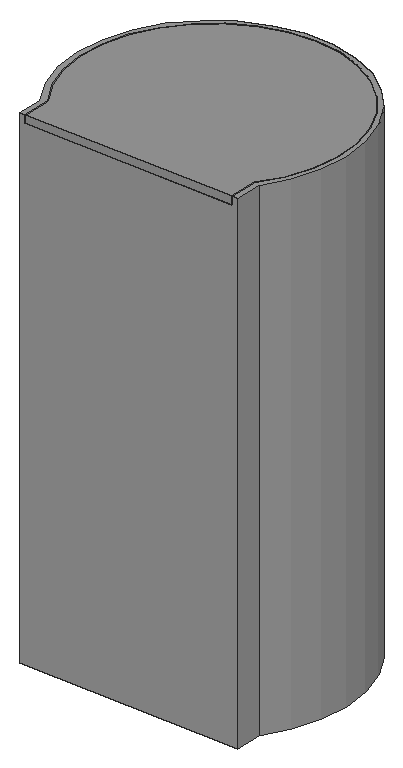
Revit family "3056 Björk Soap dispenser", category Furniture Systems, host Wall, Revit 2018
Family settings
  Host = Wall
  Round Connector Dimension = Use Diameter
  Part Type = Normal
  Always vertical = Yes
  Cut with Voids When Loaded = No
  Shared = No
  Room Calculation Point = No
Parameters (values of type "OSLO")
  URL = "http://www.dandryer.com/en-gb/products/-soapdispensers/3056-bjork--matt-black--liquid-soap-disinfectant"
  Type Image = <None>
  Surface Top = OSLO
  Surface Front = Mat Sort
  Model = "Björk-3056"
  Manufacturer = "Dan Dryer"
  Description = "Touch-free Soap dispenser"
  Cost = 0
Types (6, lengths in mm): name | URL | Surface Top
  BIRK | "http://www.dandryer.dk/da-dk/produkter/produktserie-%E2%80%93-bjork/3056-bjork-dispenser-flydende-saebe-desinfektion--mat-sort" | BIRK
  GEO WHITE | "http://www.dandryer.dk/da-dk/produkter/produktserie-%E2%80%93-bjork/3056-bjork-dispenser-flydende-saebe-desinfektion--mat-sort" | GEO WHITE
  GRIGIO LONDRA | "http://www.dandryer.dk/da-dk/produkter/produktserie-%E2%80%93-bjork/3056-bjork-dispenser-flydende-saebe-desinfektion--mat-sort" | GRIGIO LONDRA
  NEGRO INGO | "http://www.dandryer.dk/da-dk/produkter/produktserie-%E2%80%93-bjork/3056-bjork-dispenser-flydende-saebe-desinfektion--mat-sort" | NEGRO INGO
  OSLO | "http://www.dandryer.com/en-gb/products/-soapdispensers/3056-bjork--matt-black--liquid-soap-disinfectant" | OSLO
  BIANCO MALE | "http://www.dandryer.dk/da-dk/produkter/produktserie-%E2%80%93-bjork/3056-bjork-dispenser-flydende-saebe-desinfektion--mat-sort" | BIANCO MALE
Reference planes
  plane 1 "Wall": y = 0
  plane 2 "Center (Left/Right)": x = 125
  plane 3 "Back": y = 75
Forms (mm)
  Extrusion 1, solid, material "Blank Hvid", not visible
    sketch origin (0, 0, 0) x (1, 0, 0) y (0, 1, 0)
      loop
        arc (42.212, 95.366) -> (42.426, 94.946) -> (42.5, 94.481) r 1.5
        line (42.5, 94.481) -> (42.5, 75.3) -> (43.7, 75.3) -> (43.7, 94.481)
        arc (43.7, 94.481) -> (43.567, 95.318) -> (43.181, 96.073) r 2.7
        arc (43.181, 96.073) -> (125, 257.1) -> (206.819, 96.073) r 101.3
        arc (206.819, 96.073) -> (206.433, 95.318) -> (206.3, 94.481) r 2.7
        line (206.3, 94.481) -> (206.3, 75.3) -> (207.5, 75.3) -> (207.5, 94.481)
        arc (207.5, 94.481) -> (207.574, 94.946) -> (207.788, 95.366) r 1.5
        arc (207.788, 95.366) -> (125, 258.3) -> (42.212, 95.366) r 102.5
    from 900 to 1230
  Extrusion 2, void, not visible
    sketch origin (207.5, 94.481, 0) x (0, 1, 0) y (0, 0, -1)
      loop
        line (-19.181, -1225) -> (-19.181, -1230) -> (6.154, -1230)
        arc (6.154, -1230) -> (3.068, -1228.36) -> (2.105, -1225) r 4.47
        line (2.105, -1225) -> (-19.181, -1225)
    from -10.952 to 170.161
  Extrusion 3, void, not visible
    sketch origin (207.5, 94.481, 2130) x (0, 1, 0) y (0, 0, -1)
      loop
        line (-19.181, 1225) -> (2.105, 1225)
        arc (2.105, 1225) -> (3.068, 1228.36) -> (6.154, 1230) r 4.47
        line (6.154, 1230) -> (-19.181, 1230) -> (-19.181, 1225)
    from -6 to 179.451
  Extrusion 4, solid, not visible
    sketch origin (207.5, 75.3, 907) x (0, 1, 0) y (-1, 0, 0)
      loop
        line (0, 163.8) -> (0, 1.2) -> (19.181, 1.2)
        arc (19.181, 1.2) -> (20.018, 1.067) -> (20.773, 0.681) r 2.7
        arc (20.773, 0.681) -> (181.8, 82.5) -> (20.773, 164.319) r 101.3
        arc (20.773, 164.319) -> (20.018, 163.933) -> (19.181, 163.8) r 2.7
        line (19.181, 163.8) -> (0, 163.8)
    from 0 to -2
  Extrusion 5, void, not visible
    sketch origin (206.3, 75.3, 0) x (-1, 0, 0) y (0, 0, 1)
      loop
        arc (83.312, 976) -> (81.303, 978.014) -> (79.288, 976) r 2.012
        line (79.288, 976) -> (79.285, 930)
        arc (79.285, 930) -> (81.297, 927.986) -> (83.312, 930) r 2.012
        line (83.312, 930) -> (83.312, 976)
    from 174.915 to 189.234
  Extrusion 6, solid, not visible
    sketch origin (206.3, 75.3, 0) x (1, 0, 0) y (0, 0, 1)
      loop
        line (-83.312, 975.984) -> (-83.312, 930)
        arc (-83.312, 930) -> (-81.291, 928.118) -> (-79.287, 930.016) r 2.015
        line (-79.287, 930.016) -> (-79.288, 976)
        arc (-79.288, 976) -> (-81.309, 977.882) -> (-83.312, 975.984) r 2.015
    from -182.98 to -174.915
  Extrusion 7, solid, material "Mat Sort", not visible
    sketch origin (0, 0, 0) x (1, 0, 0) y (0, 1, 0)
      loop
        arc (42.212, 95.366) -> (42.426, 94.946) -> (42.5, 94.481) r 1.5
        line (42.5, 94.481) -> (42.5, 75.3) -> (43.7, 75.3) -> (43.7, 94.481)
        arc (43.7, 94.481) -> (43.567, 95.318) -> (43.181, 96.073) r 2.7
        arc (43.181, 96.073) -> (125, 257.1) -> (206.819, 96.073) r 101.3
        arc (206.819, 96.073) -> (206.433, 95.318) -> (206.3, 94.481) r 2.7
        line (206.3, 94.481) -> (206.3, 75.3) -> (207.5, 75.3) -> (207.5, 94.481)
        arc (207.5, 94.481) -> (207.574, 94.946) -> (207.788, 95.366) r 1.5
        arc (207.788, 95.366) -> (125, 258.3) -> (42.212, 95.366) r 102.5
    from 900 to 1230
Text (mm)
  text "Placement Side" at (-1848.837, 1116.779, 0), in view "Ref. Level"
  text "Placement side" at (0, 1409.804, 2854.306), in view "Left"
  text "Placement side" at (0, 499.811, 2980.732), in view "Right"
Dimensions and locks
  locked: plane 3 "Back" to host wall
  aligned and locked: plane 1 "Wall" to host wall
  aligned and locked: plane 3 "Back" to nested 1  (x2)
Nested families
  nested 1: "Master Soap dispenser" at (125, 75, 1100), type "Master Soap dispenser"
Definition of nested family "Master Soap dispenser"
  Parameters (values of type "Master Soap dispenser")
    Surface Top = none
    Surface Front = none
  Reference planes
    plane 1 "Center (Front/Back)": y = 0
    plane 2: z = 0
    plane 3 "Center (Left/Right)": x = 0
  Forms (mm)
    Extrusion 1, solid, material <- "Surface Front"
      sketch origin (0, 0, 0) x (1, 0, 0) y (0, 1, 0)
        loop
          line (-72.636, 16.842) -> (-72.636, 0) -> (73.262, 0) -> (73.262, 17.709)
          arc (73.262, 17.709) -> (-0.534, 159.71) -> (-72.636, 16.842) r 89.899
      from 0 to 330
    Extrusion 2, solid, material <- "Surface Top"
      sketch origin (0, 0, 330) x (1, 0, 0) y (0, 1, 0)
        loop
          arc (69.262, 19.017) -> (0, 156.8) -> (-69.261, 19.017) r 86.3
          line (-69.261, 19.017) -> (-69.261, 0) -> (69.262, 0) -> (69.262, 19.017)
      from 0 to -5
    Extrusion 3, void
      sketch origin (0, 0, 0) x (1, 0, 0) y (0, 1, 0)
        loop
          line (-69.261, 0) -> (69.262, 0) -> (69.262, 19.017)
          arc (69.262, 19.017) -> (0, 156.8) -> (-69.261, 19.017) r 86.3
          line (-69.261, 19.017) -> (-69.261, 0)
      from 325 to 330
  Cuts and joins
    Extrusion 3 cuts Extrusion 1
  Dimensions and locks
    aligned and locked: level to plane 2
